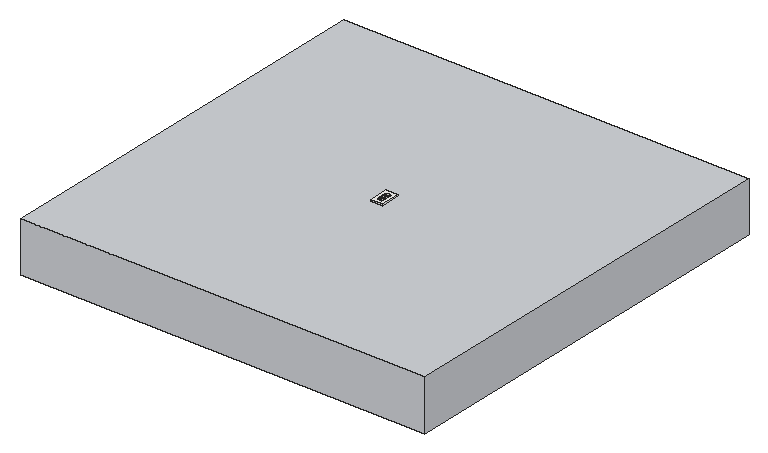
Revit family
Parameters (values of type "Standard")
  Wallstation Material = Plastic - Lutron - White
  Version = 1
  URL = "http://www.lutron.com"
  Series = "seeTouch"
  Product URL = "http://www.lutron.com/PRODUCTS/COMPONENTS/SEETOUCHWALLSTATION/Pages/Overview.aspx"
  Overall Width = 0' - 2 3/4"
  Overall Height = 0' - 4 9/16"
  Overall Depth = 0' - 1 3/8"
  Model = "SQA-4EN-WH-E01"
  Manufacturer Complete Model Number [instance] = ""
  Manufacturer = "Lutron Electronics"  # constant formula
  Label = "SC"
  Description = "Low Voltage 4 Button Wallstation with Raise/Lower and Infrared Reception"
  Default Elevation = 4' - 0"
  Copyright = "© 2010 Lutron Electronics Co., Inc."  # constant formula
  CADworks URL = "http://www.CADworks.net"
  Assembly Code = "D5020120"
Reference planes (in)
  plane 1 "Center (Front/Back)": y = 0
  plane 2: z = 0
  plane 3 "Center (Left/Right)": x = 0
  plane 4: x = -1.375
  plane 5: x = 1.375
  plane 6: y = 2.28125
  plane 7: y = -2.28125
  plane 8: z = 0.3125
  plane 9: z = -1.0625
  plane 10: z = -0.75
  plane 11: z = 0.4925
  plane 12: z = 0.4025
  plane 13: z = 0.5825
Forms (in)
  Extrusion 1, solid
    sketch origin (0, 0, 0) x (1, 0, 0) y (0, 1, 0)
      loop
        line (-48, 48) -> (-48, -48) -> (48, -48) -> (48, 48) -> (-48, 48)
    from 0 to -12
  Extrusion 2, solid, material "Plastic - Lutron - White" <- "Wallstation Material"
    sketch origin (0, 0, 0) x (1, 0, 0) y (0, 1, 0)
      loop
        line (-1.375, 2.28125) -> (-1.375, -2.28125) -> (1.375, -2.28125) -> (1.375, 2.28125) -> (-1.375, 2.28125)
    from 0 to 0.3125
  Extrusion 3, solid, material "Plastic - Lutron - White" <- "Wallstation Material", detail levels fine
    sketch origin (0, 0, 0) x (1, 0, 0) y (0, 1, 0)
      loop
        arc (-0.68031, 1.37) -> (-0.80737, 1.31737) -> (-0.86, 1.19031) r 0.17969
        line (-0.86, 1.19031) -> (-0.86, -1.19031)
        arc (-0.86, -1.19031) -> (-0.80737, -1.31737) -> (-0.68031, -1.37) r 0.17969
        line (-0.68031, -1.37) -> (0.68031, -1.37)
        arc (0.68031, -1.37) -> (0.80737, -1.31737) -> (0.86, -1.19031) r 0.17969
        line (0.86, -1.19031) -> (0.86, 1.19031)
        arc (0.86, 1.19031) -> (0.80737, 1.31737) -> (0.68031, 1.37) r 0.17969
        line (0.68031, 1.37) -> (-0.68031, 1.37)
    from -0.75 to 0
  Extrusion 4, solid, material "Plastic - Lutron - White" <- "Wallstation Material", detail levels fine
    sketch origin (0, 0, 0) x (1, 0, 0) y (0, 1, 0)
      loop
        line (0.1, 1.2) -> (0.1, 0.41) -> (0.71, 0.41) -> (0.71, 1.2) -> (0.1, 1.2)
      loop
        line (-0.02, -0.47) -> (-0.02, -1.06) -> (0.61, -1.06) -> (0.61, -0.47) -> (-0.02, -0.47)
    from -1.0625 to -0.75
  Extrusion 5, void
    sketch origin (0, 0, 0) x (1, 0, 0) y (0, 1, 0)
      loop
        line (-0.465, 1.19953) -> (-0.465, -0.17969) -> (0.465, -0.17969) -> (0.465, 1.19953) -> (-0.465, 1.19953)
      loop
        line (-0.465, -0.50047) -> (-0.465, -1.19969) -> (0.465, -1.19969) -> (0.465, -0.50047) -> (-0.465, -0.50047)
    from 0.25 to 0.3125
  Extrusion 6, void
    sketch origin (0, 0, 0) x (0, 1, 0) y (0, 0, 1)
      loop
        arc (-0.16984, 0.42038) -> (0, 0.4925) -> (0.16984, 0.42038) r 0.23605
        arc (0.16984, 0.42038) -> (0.33969, 0.4925) -> (0.50953, 0.42038) r 0.23605
        arc (0.50953, 0.42038) -> (0.67937, 0.4925) -> (0.84922, 0.42038) r 0.23605
        arc (0.84922, 0.42038) -> (1.01906, 0.4925) -> (1.18891, 0.42038) r 0.23605
        line (1.18891, 0.42038) -> (1.30406, 0.42038) -> (1.30406, 0.6175) -> (-1.30406, 0.6175) -> (-1.30406, 0.42038) -> (-1.18891, 0.42038)
        arc (-1.18891, 0.42038) -> (-1.01906, 0.4925) -> (-0.84922, 0.42038) r 0.23605
        arc (-0.84922, 0.42038) -> (-0.67938, 0.4925) -> (-0.50953, 0.42038) r 0.23605
        arc (-0.50953, 0.42038) -> (-0.33969, 0.4925) -> (-0.16984, 0.42038) r 0.23605
    from -1.375 to 1.375
  Extrusion 7, void
    sketch origin (0, 0, 0) x (1, 0, 0) y (0, 1, 0)
      loop
        circle (-0.34, 0) r 0.03125
      loop
        circle (-0.34, 0.34) r 0.03125
      loop
        circle (-0.34, 0.68) r 0.03125
      loop
        circle (-0.34, 1.02) r 0.03125
    from 0.4025 to 0.5825
  Extrusion 8, solid, material "Plastic - Lutron - White" <- "Wallstation Material", detail levels medium+fine
    sketch origin (0, 0.34, 0) x (1, 0, 0) y (0, 1, 0)
      loop
        line (-0.44, -1.52) -> (-0.0125, -1.52) -> (-0.0125, -1.2) -> (-0.44, -1.2) -> (-0.44, -1.52)
      loop
        line (0.44, -1.2) -> (0.0125, -1.2) -> (0.0125, -1.52) -> (0.44, -1.52) -> (0.44, -1.2)
      loop
        line (-0.44, 0.84) -> (-0.44, 0.52) -> (0.44, 0.52) -> (0.44, 0.84) -> (-0.44, 0.84)
      loop
        line (0.44, 0.5) -> (-0.44, 0.5) -> (-0.44, 0.18) -> (0.44, 0.18) -> (0.44, 0.5)
      loop
        line (0.44, 0.16) -> (-0.44, 0.16) -> (-0.44, -0.16) -> (0.44, -0.16) -> (0.44, 0.16)
      loop
        line (-0.44, -0.18) -> (-0.44, -0.5) -> (0.44, -0.5) -> (0.44, -0.18) -> (-0.44, -0.18)
      loop
        line (0.44, -0.86) -> (-0.44, -0.86) -> (-0.44, -1.18) -> (0.44, -1.18) -> (0.44, -0.86)
    from 0.25 to 0.4925
  Extrusion 9, solid, material "Plastic - Lutron - Black", detail levels fine
    sketch origin (0, 0.68, 0) x (1, 0, 0) y (0, 1, 0)
      loop
        line (-0.415, -1.43) -> (0.415, -1.43) -> (0.415, -1.29) -> (-0.415, -1.29) -> (-0.415, -1.43)
    from 0.4025 to 0.5375
Cuts and joins
  Extrusion 5 cuts Extrusion 2
  Extrusion 5 cuts Extrusion 3
  Extrusion 6, Extrusion 7 cuts Extrusion 8
Lines and regions (in)
  symbolic lines, detail levels fine
    curve 1: line (-1.375, 0, 0.3125) -> (1.375, 0, 0.3125)
    curve 2: line (-1.375, 0, 0) -> (-1.375, 0, 0.3125)
    curve 3: line (1.375, 0, 0.3125) -> (1.375, 0, 0)
    curve 4: line (-0.44, 0, 0.4925) -> (0.44, 0, 0.4925)
    curve 5: line (-0.44, 0, 0.3125) -> (-0.44, 0, 0.4925)
    curve 6: line (0.44, 0, 0.4925) -> (0.44, 0, 0.3125)
    curve 7: line (-1.375, 0, 0) -> (1.375, 0, 0)
Dimensions and locks (in)
  equal spacing: plane 4, plane 3 "Center (Left/Right)", plane 5
  "Overall Width": plane 4 to plane 5
  equal spacing: plane 7, plane 1 "Center (Front/Back)", plane 6
  "Overall Height": plane 6 to plane 7
  locked: plane 8 to plane 2 at 0.3125
  "Overall Depth": plane 8 to plane 9
  locked: plane 2 to plane 10 at 0.75
  locked: Extrusion 3 sketch curve to Extrusion 3 sketch curve at 1.72
  equal spacing: Extrusion 3 sketch curve, plane 3 "Center (Left/Right)", Extrusion 3 sketch curve
  locked: Extrusion 3 sketch curve to Extrusion 3 sketch curve at 2.74
  equal spacing: Extrusion 3 sketch curve, plane 1 "Center (Front/Back)", Extrusion 3 sketch curve
  locked: plane 1 "Center (Front/Back)" to Extrusion 4 sketch curve at 0.41
  locked: Extrusion 4 sketch curve to Extrusion 4 sketch curve at 0.79
  locked: Extrusion 4 sketch curve to plane 1 "Center (Front/Back)" at 0.47
  locked: Extrusion 4 sketch curve to Extrusion 4 sketch curve at 0.59
  locked: plane 3 "Center (Left/Right)" to Extrusion 4 sketch curve at 0.61
  locked: Extrusion 4 sketch curve to Extrusion 4 sketch curve at 0.63
  locked: plane 3 "Center (Left/Right)" to Extrusion 4 sketch curve at 0.71
  locked: Extrusion 4 sketch curve to Extrusion 4 sketch curve at 0.61
  locked: Extrusion 5 sketch curve to Extrusion 5 sketch curve at 0.93
  equal spacing: Extrusion 5 sketch curve, plane 3 "Center (Left/Right)", Extrusion 5 sketch curve, locked at 0.465 each
  locked: cut or joined group of Extrusion 2, Extrusion 5 to plane 9 at 1.3125
  locked: plane 11 to plane 8 at 0.18
  locked: plane 1 "Center (Front/Back)" to Extrusion 6 sketch curve at 0
  locked: Extrusion 6 sketch curve to plane 9 at 1.68
  locked: Extrusion 6 sketch curve to Extrusion 6 sketch curve at 2.60812
  equal spacing: Extrusion 6 sketch curve, plane 1 "Center (Front/Back)", Extrusion 6 sketch curve
  locked: Extrusion 6 sketch curve to plane 9 at 1.48288
  equal spacing: Extrusion 6 sketch curve, Extrusion 6 sketch curve, Extrusion 6 sketch curve, Extrusion 6 sketch curve, Extrusion 6 sketch curve, Extrusion 6 sketch curve, Extrusion 6 sketch curve, Extrusion 6 sketch curve
  plane 11 to Extrusion 6 sketch curve to Extrusion 6 sketch curve to Extrusion 6 sketch curve to Extrusion 6 sketch curve to Extrusion 6 sketch curve to Extrusion 6 sketch curve to Extrusion 6 sketch curve = 0' - 0" locked, 0' - 0" locked, 0' - 0" locked, 0' - 0" locked, 0' - 0" locked, 0' - 0" locked, 0' - 0" locked
  Extrusion 7 to plane 9 = 0' - 1.645"
  locked: Extrusion 8 sketch curve to Extrusion 8 sketch curve at 0.025
  equal spacing: Extrusion 8 sketch curve, plane 3 "Center (Left/Right)", Extrusion 8 sketch curve
  locked: Extrusion 9 sketch curve to Extrusion 9 sketch curve at 0.83
  equal spacing: Extrusion 9 sketch curve, plane 3 "Center (Left/Right)", Extrusion 9 sketch curve
  plane 6 to Extrusion 9 sketch curve to Extrusion 9 sketch curve = 0' - 2.89125" locked, 0' - 0.14" locked
  equal spacing: plane 13, plane 11, plane 12
  locked: plane 13 to plane 12 at 0.18
  locked: plane 1 "Center (Front/Back)" to Extrusion 7 sketch curve at 0
  equal spacing: plane 13, Extrusion 9, plane 11
  plane 7 to Extrusion 5 sketch curve to Extrusion 5 sketch curve = 0' - 2 13/128" locked, 0' - 1.37922" locked
  plane 6 to Extrusion 5 sketch curve to Extrusion 5 sketch curve = 0' - 2.78172" locked, 0' - 0 179/256" locked
  equal spacing: Extrusion 8 sketch curve, plane 3 "Center (Left/Right)", Extrusion 8 sketch curve, locked at 0.44 each
  locked: Extrusion 8 sketch curve to Extrusion 8 sketch curve at 0.88
  plane 6 to Extrusion 8 sketch curve to Extrusion 8 sketch curve to Extrusion 8 sketch curve to Extrusion 8 sketch curve = 0' - 2.80125" locked, 0' - 0.32" locked, 0' - 0.02" locked, 0' - 0.32" locked
  plane 7 to Extrusion 8 sketch curve to Extrusion 8 sketch curve to Extrusion 8 sketch curve to Extrusion 8 sketch curve to Extrusion 8 sketch curve to Extrusion 8 sketch curve to Extrusion 8 sketch curve to Extrusion 8 sketch curve = 0' - 2.12125" locked, 0' - 0.32" locked, 0' - 0.02" locked, 0' - 0.32" locked, 0' - 0.02" locked, 0' - 0.32" locked, 0' - 0.02" locked, 0' - 0.32" locked
  plane 7 to Extrusion 7 sketch curve to Extrusion 7 sketch curve to Extrusion 7 sketch curve = 0' - 2.62125" locked, 0' - 0.34" locked, 0' - 0.34" locked
  Extrusion 7 sketch curve to Extrusion 7 sketch curve to Extrusion 7 sketch curve to Extrusion 7 sketch curve to plane 5 = 0' - 0" locked, 0' - 0" locked, 0' - 0" locked, 0' - 1.715" locked
  radius of Extrusion 3 sketch curve = 0' - 0 23/128"  (x4)
  radius of Extrusion 7 sketch curve = 0' - 0 1/32"  (x4)
  aligned and locked: plane 2 to Extrusion 1
  aligned and locked: level to Extrusion 1
  aligned and locked: Extrusion 2 sketch curve to plane 6
  aligned and locked: plane 4 to Extrusion 2 sketch curve
  aligned and locked: Extrusion 2 sketch curve to plane 7
  aligned and locked: Extrusion 2 sketch curve to plane 5
  aligned and locked: Extrusion 2 to plane 2
  aligned and locked: plane 8 to Extrusion 2
  aligned and locked: Extrusion 3 to plane 10
  aligned and locked: plane 2 to Extrusion 3
  aligned and locked: Extrusion 4 to plane 9
  aligned and locked: plane 10 to Extrusion 4
  aligned and locked: plane 8 to cut or joined group of Extrusion 2, Extrusion 5
  aligned and locked: Extrusion 6 sketch curve to Extrusion 6 sketch curve
  aligned: Extrusion 7 to plane 8
  aligned and locked: plane 4 to curve 2
  aligned and locked: curve 1 to plane 8
  aligned and locked: curve 3 to plane 5
  aligned and locked: curve 4 to plane 11
  aligned and locked: plane 1 "Center (Front/Back)" to nested 1
  aligned and locked: plane 3 "Center (Left/Right)" to nested 1
  aligned and locked: Extrusion 8 sketch curve to Extrusion 8 sketch curve  (x12)
  aligned: cut or joined group of Extrusion 2, Extrusion 5 to Extrusion 8
  aligned and locked: plane 11 to Extrusion 8
  aligned: cut or joined group of Extrusion 2, Extrusion 5 to cut or joined group of Extrusion 2, Extrusion 5
  aligned: plane 8 to cut or joined group of Extrusion 2, Extrusion 5
  aligned and locked: Extrusion 7 to plane 13
  aligned and locked: Extrusion 7 to plane 12
  aligned and locked: Extrusion 9 to plane 12
  aligned and locked: Extrusion 5 sketch curve to Extrusion 5 sketch curve  (x2)
  aligned and locked: plane 5 to Extrusion 6
  aligned and locked: Extrusion 6 to plane 4
  aligned and locked: cut or joined group of Extrusion 2, Extrusion 5 to cut or joined group of Extrusion 6, Extrusion 7, Extrusion 8
  aligned and locked: curve 5 to cut or joined group of Extrusion 6, Extrusion 7, Extrusion 8
  aligned and locked: curve 6 to cut or joined group of Extrusion 6, Extrusion 7, Extrusion 8
  aligned and locked: cut or joined group of Extrusion 2, Extrusion 5 to plane 2
  aligned and locked: curve 7 to plane 2
Automatic sketch dimensions
  Extrusion 1 sketch curve to Extrusion 1 sketch curve = 8' - 0"  (x2)
  Extrusion 6 sketch curve to Extrusion 6 sketch curve = 0' - 0.11516"
  Extrusion 6 sketch curve to plane 8 = 0' - 0.05605"  (x5)
  Extrusion 6 sketch curve to Extrusion 6 sketch curve = 0' - 0.16984"
Nested families (in)
  nested 1: "Switch Annotation" at (0, 0, 0), type "Switch Annotation", detail levels coarse+medium
Connectors (in)
  electrical at (0, 1.37, -0.375)
    settings: on cut or joined group of Extrusion 3, Extrusion 5, index 1, voltage 0 V, apparent load 0 VA, apparent load phase1 0 VA, apparent load phase2 0 VA, apparent load phase3 0 VA, power factor 1, load classification "Other", number of poles 1, system type 13, power factor state 1, is connector primary yes, connector utility no, sub classification motor no, connector description "Control Connection"
Definition of nested family "Switch Annotation"
  Parameters (values of type "Switch Annotation")
    Label = "LC"
  Reference planes (in)
    plane 1: y = 0
    plane 2: x = 0
  Lines and regions (in)
    detail lines
      curve 1: line (0, 0.125, 0) -> (0, 0, 0)
      curve 3: arc (0.01506, 0.11153, 0) -> (-0.02442, 0.09683, 0) -> (0, 0.0625, 0) r 0.02655
      curve 4: arc (0, 0.0625, 0) -> (0.01543, 0.02147, 0) -> (-0.02827, 0.02483, 0) r 0.02599
    reference lines
      curve 2: line (0, 0.0625, 0) -> (-0.11983, 0.0625, 0)
      curve 5: line (0.10095, -0.04722, 0) -> (0.10095, 0.09386, 0)
      curve 6: line (0.10095, -0.04722, 0) -> (0.28349, -0.04722, 0)
      curve 7: line (0.10095, 0.04579, 0) -> (0.31014, 0.04579, 0)
  Text (in)
    label "2" at (0.1048, 0.12997, 0), shows "Label"
  Dimensions and locks (in)
    locked: curve 6 to curve 7 at 0.09301
    locked: curve 1 to curve 5 at 0.10095
    locked: curve 1 to curve 1 at 0.125
    locked: plane 1 to curve 2 at 0.0625
    aligned and locked: curve 1 to curve 2
    aligned and locked: curve 3 to curve 2
    aligned and locked: curve 4 to curve 2
    aligned and locked: plane 1 to curve 1
    aligned and locked: curve 1 to plane 2
    aligned and locked: plane 2 to curve 1
